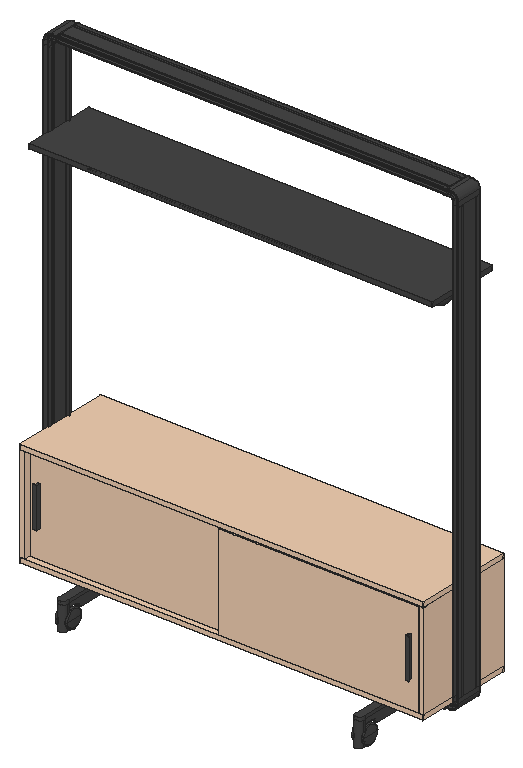
Revit family "DBLTD_TheSenatorGroup_OffcStrg_AdaptWall_US_v2", category Furniture, Revit 2020
Family settings
  Work Plane-Based = No
  Always vertical = Yes
  Cut with Voids When Loaded = No
  Shared = Yes
  Room Calculation Point = No
Parameters (values of type "Coat Hanger with Sliding Door Unit 65" Wide")
  WarrantyStartDate [instance] = "1900-12-31T23:59:59"
  WarrantyGuarantorParts = "n/a"
  WarrantyGuarantorLabor = "n/a"
  WarrantyDurationUnit = "Years"
  WarrantyDurationParts = "n/a"
  WarrantyDurationLabor = "n/a"
  WarrantyDescription = "Senator warrants that its manufactured products are free from manufacturing defects - in materials or workmanship - for a period of ten (10) years on Senator Seating ranges; and fifteen (15) years on Senator Desking ranges"
  Version = "2"  # constant formula
  Uniclass2015Version = "Products v1.9"
  Uniclass2015Title = "Office storage units"
  Uniclass2015Code = "Pr_40_30_78_57"
  URL = "https://www.thesenatorgroup.com/"
  Type Comments = ModelReference  # "Coat Hanger with Sliding Door Unit 65\" Wide"
  TagNumber [instance] = "n/a"
  SustainabilityPerformance = "n/a"
  Style = "n/a"
  StorageType = DBLTD_TheSenatorGroup_OffcStrg_AdaptWall_StorageSlide : Storage
  Size = "L 20.87\" x  W 64.96\" x  H 77.36\""
  ShelfType = DBLTD_TheSenatorGroup_OffcStrg_AdaptWall_Shelf : Coat Hook
  Shape = "Rectangular"
  SerialNumber [instance] = "n/a"
  Revision = "n/a"
  ReplacementCost = "n/a"
  ProductInformation = "https://www.thesenatorgroup.com/"
  OmniClassTitle = "Storage"
  OmniClassCode = "22-12 51 19"
  NominalWidth = NominalLength  # 1650 mm
  NominalLength = 1650 mm
  NominalHeight = 1965 mm
  NominalDepth = 530 mm
  Name = "OfficeStorage_AdaptWall_TheSenatorGroup"
  NBSReference = "45-35-80/360"
  NBSDescription = "Office storage"
  NBSCertification = ""
  ModelReference = "Coat Hanger with Sliding Door Unit 65\" Wide"
  ModelNumber = "AW7865CHDW4"
  Model = ModelNumber  # "AW7865CHDW4"
  Material = "MFC storage."
  ManufacturerURL = "https://www.thesenatorgroup.com/"
  ManufacturerName = "The Senator Group"
  Manufacturer = "The Senator Group"
  MainColor = "n/a"
  Keynote = "Pr_40_30_78_57"
  InstallationDate [instance] = "1900-12-31T23:59:59"
  IfcExportType = "STORAGE"  # constant formula
  IfcExportAs = "IfcFurnitureType"  # constant formula
  HasStorage = yes
  Grade = "n/a"
  FrameMaterial [instance] = TheSenatorGroup_Metal_Black
  Finish = "Frame available in Black or White. MFC Storage available in Black, White or Strata Oak."
  Features = "n/a"
  ExpectedLife = "n/a"
  DurationUnit = "year"
  Description = ModelReference  # "Coat Hanger with Sliding Door Unit 65\" Wide"
  Default Elevation = 0 mm
  Cost = 0
  Constituents = "n/a"
  Color = "Defined by Finish Specifed"
  CodePerformance = "n/a"
  Category = "Pr_40_30_78_57:Office storage units"
  CarcassMaterial [instance] = TheSenatorGroup_Wood_StrataOak
  BarCode [instance] = "n/a"
  BIMObjectName = "TheSenatorGroup_OfficeStorage_AdaptWall"
  Author = "Diane Butterworth Ltd"  # constant formula
  AssetType = "Movable"
  AssetIdentifier [instance] = "n/a"
  AccessibilityPerformance = "n/a"
Reference planes
  plane 1 "Back": y = 0
  plane 2: z = 0
  plane 3 "Center (Left/Right)": x = 0
  plane 4 "Front": y = -530
  plane 5 "Left": x = -825
  plane 6 "Right": x = 825
  plane 7 "Top": z = 1965
  plane 8: y = -265
Dimensions and locks
  "NominalDepth": plane 4 "Front" to plane 1 "Back"
  equal spacing: plane 5 "Left", plane 3 "Center (Left/Right)", plane 6 "Right"
  "NominalLength": plane 5 "Left" to plane 6 "Right"
  "NominalHeight": plane 7 "Top" to level
  equal spacing: plane 4 "Front", plane 8, plane 1 "Back"
  aligned and locked: level to plane 2
  aligned and locked: plane 3 "Center (Left/Right)" to nested 1
  aligned and locked: plane 8 to nested 1
  aligned and locked: nested 1 to nested 2
  aligned and locked: plane 3 "Center (Left/Right)" to nested 3
Nested families
  nested 1: "DBLTD_TheSenatorGroup_OffcStrg_AdaptWall_Frame" at (0, -36, 0), FrameWidth <- "NominalWidth", FrameMaterial <- "FrameMaterial", type "1250 Frame with Castors"
    with FrameWidth 1650 mm, FrameMaterial TheSenatorGroup_Metal_Black
  nested 2: "DBLTD_TheSenatorGroup_OffcStrg_AdaptWall_Shelf" at (0, -36, 0), FrameMaterial <- "FrameMaterial", FrameWidth <- "NominalWidth", type <- "ShelfType", type "Coat Hook"
    with FrameWidth 1650 mm, FrameMaterial TheSenatorGroup_Metal_Black
  nested 3: "DBLTD_TheSenatorGroup_OffcStrg_AdaptWall_StorageSlide" at (0, -36, 0), FrameWidth <- "NominalWidth", type <- "StorageType", FrameMaterial <- "FrameMaterial", CarcassMaterial <- "CarcassMaterial", visible <- "HasStorage", type "Storage"
    with FrameWidth 1650 mm, FrameMaterial TheSenatorGroup_Metal_Black, CarcassMaterial TheSenatorGroup_Wood_StrataOak
Definition of nested family "DBLTD_TheSenatorGroup_OffcStrg_AdaptWall_Frame"
  Parameters (values of type "Frame with Castors")
    URL = ""
    Type Comments = ""
    Model = ""
    Manufacturer = ""
    Keynote = ""
    FrameWidth [instance] = 1250 mm
    FrameMaterial [instance] = none
    Description = ""
    Default Elevation = 0 mm
    Cost = 0
  Reference planes
    plane 1: z = 0
    plane 2 "Center (Left/Right)": x = 0
    plane 3: y = -229
    plane 4: x = -576.25
    plane 5: x = 576.25
    plane 6: x = -625
    plane 7: x = 625
    plane 8: x = -401.881
    plane 9: x = -376.119
    plane 10: x = 401.881
    plane 11: x = 376.119
  Forms (mm)
    Extrusion 1, solid, material <- "FrameMaterial"
      sketch origin (0, 0, 0) x (1, 0, 0) y (0, 0, 1)
        loop
          line (-536.332, 87.142) -> (536.284, 87.142)
          arc (536.284, 87.142) -> (544.073, 88.158) -> (551.332, 91.161) r 30
          line (551.332, 91.161) -> (594.6, 116.142) -> (-594.6, 116.142) -> (-551.332, 91.161)
          arc (-551.332, 91.161) -> (-544.097, 88.164) -> (-536.332, 87.142) r 30
      from 198.323 to 259.677
    Extrusion 2, void
      sketch origin (0, 0, 0) x (0, 1, 0) y (0, 0, 1)
        loop
          line (-206.193, 115.454) -> (-207.677, 87.142) -> (-198.323, 87.142) -> (-198.323, 116.142) -> (-206.193, 115.454)
        loop
          line (-251.807, 115.454) -> (-259.677, 116.142) -> (-259.677, 87.142) -> (-250.323, 87.142) -> (-251.807, 115.454)
      from -802.4 to 802.4
    Extrusion 3, solid, material <- "FrameMaterial"
      sketch origin (0, 0, 75) x (-1, 0, 0) y (0, -1, 0)
        loop
          arc (405.5, 471.871) -> (389, 495.177) -> (372.5, 471.871) r 17.494
          line (372.5, 471.871) -> (372.5, -13.871)
          arc (372.5, -13.871) -> (389, -37.177) -> (405.5, -13.871) r 17.494
          line (405.5, -13.871) -> (405.5, 471.871)
      from 24.957 to 35.858
    Extrusion 4, solid, material <- "FrameMaterial"
      sketch origin (0, 0, 75) x (-1, 0, 0) y (0, -1, 0)
        loop
          circle (389, 477.683) r 17.494
      from -73 to 24.957
    Extrusion 5, solid, material <- "FrameMaterial"
      sketch origin (0, -458, 75) x (-1, 0, 0) y (0, -1, 0)
        loop
          circle (389, -477.683) r 17.494
      from -73 to 24.957
    Revolve 6, solid, material <- "FrameMaterial"
      sketch origin (0, 0, 37.5) x (-1, 0, 0) y (0, -1, 0)
        loop
          line (376.119, 489.895) -> (368.353, 489.895) -> (365.897, 485.641)
          arc (365.897, 485.641) -> (364.038, 469.064) -> (363.417, 452.395) r 224.102
          line (363.417, 452.395) -> (414.583, 452.395)
          arc (414.583, 452.395) -> (413.963, 469.064) -> (412.104, 485.641) r 224.102
          line (412.104, 485.641) -> (409.648, 489.895) -> (401.881, 489.895) -> (401.881, 462.895) -> (376.119, 462.895) -> (376.119, 489.895)
        axis (414.583, 452.395) -> (363.417, 452.395)
      angle from 0 to 360
    Extrusion 7, solid, material <- "FrameMaterial"
      sketch origin (0, 0, 0) x (0, 1, 0) y (0, 0, 1)
        loop
          line (-271.631, 1948.544) -> (-281.608, 1945.904)
          arc (-281.608, 1945.904) -> (-282.412, 1945.369) -> (-282.724, 1944.454) r 1.5
          line (-282.724, 1944.454) -> (-282.724, 1943.31)
          arc (-282.724, 1943.31) -> (-282.431, 1942.603) -> (-281.724, 1942.31) r 1
          line (-281.724, 1942.31) -> (-266.634, 1942.31)
          arc (-266.634, 1942.31) -> (-265.589, 1942.365) -> (-264.555, 1942.529) r 10
          line (-264.555, 1942.529) -> (-259.755, 1943.549)
          arc (-259.755, 1943.549) -> (-258.721, 1943.713) -> (-257.676, 1943.767) r 10
          line (-257.676, 1943.767) -> (-200.324, 1943.767)
          arc (-200.324, 1943.767) -> (-199.279, 1943.713) -> (-198.245, 1943.549) r 10
          line (-198.245, 1943.549) -> (-193.445, 1942.529)
          arc (-193.445, 1942.529) -> (-192.411, 1942.365) -> (-191.366, 1942.31) r 10
          line (-191.366, 1942.31) -> (-176.276, 1942.31)
          arc (-176.276, 1942.31) -> (-175.569, 1942.603) -> (-175.276, 1943.31) r 1
          line (-175.276, 1943.31) -> (-175.276, 1944.454)
          arc (-175.276, 1944.454) -> (-175.588, 1945.369) -> (-176.392, 1945.904) r 1.5
          line (-176.392, 1945.904) -> (-186.369, 1948.544)
          arc (-186.369, 1948.544) -> (-187.442, 1949.258) -> (-187.857, 1950.478) r 2
          line (-187.857, 1950.478) -> (-187.857, 1956.743)
          arc (-187.857, 1956.743) -> (-187.442, 1957.963) -> (-186.369, 1958.676) r 2
          line (-186.369, 1958.676) -> (-176.392, 1961.317)
          arc (-176.392, 1961.317) -> (-175.588, 1961.852) -> (-175.276, 1962.767) r 1.5
          line (-175.276, 1962.767) -> (-175.276, 1963.91)
          arc (-175.276, 1963.91) -> (-175.569, 1964.617) -> (-176.276, 1964.91) r 1
          line (-176.276, 1964.91) -> (-191.366, 1964.91)
          arc (-191.366, 1964.91) -> (-192.411, 1964.855) -> (-193.445, 1964.692) r 10
          line (-193.445, 1964.692) -> (-198.245, 1963.671)
          arc (-198.245, 1963.671) -> (-199.279, 1963.508) -> (-200.324, 1963.453) r 10
          line (-200.324, 1963.453) -> (-257.676, 1963.453)
          arc (-257.676, 1963.453) -> (-258.721, 1963.508) -> (-259.755, 1963.671) r 10
          line (-259.755, 1963.671) -> (-264.555, 1964.692)
          arc (-264.555, 1964.692) -> (-265.589, 1964.855) -> (-266.634, 1964.91) r 10
          line (-266.634, 1964.91) -> (-281.724, 1964.91)
          arc (-281.724, 1964.91) -> (-282.431, 1964.617) -> (-282.724, 1963.91) r 1
          line (-282.724, 1963.91) -> (-282.724, 1962.767)
          arc (-282.724, 1962.767) -> (-282.412, 1961.852) -> (-281.608, 1961.317) r 1.5
          line (-281.608, 1961.317) -> (-271.631, 1958.676)
          arc (-271.631, 1958.676) -> (-270.558, 1957.963) -> (-270.143, 1956.743) r 2
          line (-270.143, 1956.743) -> (-270.143, 1950.478)
          arc (-270.143, 1950.478) -> (-270.558, 1949.258) -> (-271.631, 1948.544) r 2
      from -576.25 to 576.25
    Extrusion 8, solid, material <- "FrameMaterial"
      sketch origin (0, 0, -1826.168) x (0, 1, 0) y (0, 0, 1)
        loop
          line (-271.631, 1948.544) -> (-281.608, 1945.904)
          arc (-281.608, 1945.904) -> (-282.412, 1945.369) -> (-282.724, 1944.454) r 1.5
          line (-282.724, 1944.454) -> (-282.724, 1943.31)
          arc (-282.724, 1943.31) -> (-282.431, 1942.603) -> (-281.724, 1942.31) r 1
          line (-281.724, 1942.31) -> (-266.634, 1942.31)
          arc (-266.634, 1942.31) -> (-265.589, 1942.365) -> (-264.555, 1942.529) r 10
          line (-264.555, 1942.529) -> (-259.755, 1943.549)
          arc (-259.755, 1943.549) -> (-258.721, 1943.713) -> (-257.676, 1943.767) r 10
          line (-257.676, 1943.767) -> (-200.324, 1943.767)
          arc (-200.324, 1943.767) -> (-199.279, 1943.713) -> (-198.245, 1943.549) r 10
          line (-198.245, 1943.549) -> (-193.445, 1942.529)
          arc (-193.445, 1942.529) -> (-192.411, 1942.365) -> (-191.366, 1942.31) r 10
          line (-191.366, 1942.31) -> (-176.276, 1942.31)
          arc (-176.276, 1942.31) -> (-175.569, 1942.603) -> (-175.276, 1943.31) r 1
          line (-175.276, 1943.31) -> (-175.276, 1944.454)
          arc (-175.276, 1944.454) -> (-175.588, 1945.369) -> (-176.392, 1945.904) r 1.5
          line (-176.392, 1945.904) -> (-186.369, 1948.544)
          arc (-186.369, 1948.544) -> (-187.442, 1949.258) -> (-187.857, 1950.478) r 2
          line (-187.857, 1950.478) -> (-187.857, 1956.743)
          arc (-187.857, 1956.743) -> (-187.442, 1957.963) -> (-186.369, 1958.676) r 2
          line (-186.369, 1958.676) -> (-176.392, 1961.317)
          arc (-176.392, 1961.317) -> (-175.588, 1961.852) -> (-175.276, 1962.767) r 1.5
          line (-175.276, 1962.767) -> (-175.276, 1963.91)
          arc (-175.276, 1963.91) -> (-175.569, 1964.617) -> (-176.276, 1964.91) r 1
          line (-176.276, 1964.91) -> (-191.366, 1964.91)
          arc (-191.366, 1964.91) -> (-192.411, 1964.855) -> (-193.445, 1964.692) r 10
          line (-193.445, 1964.692) -> (-198.245, 1963.671)
          arc (-198.245, 1963.671) -> (-199.279, 1963.508) -> (-200.324, 1963.453) r 10
          line (-200.324, 1963.453) -> (-257.676, 1963.453)
          arc (-257.676, 1963.453) -> (-258.721, 1963.508) -> (-259.755, 1963.671) r 10
          line (-259.755, 1963.671) -> (-264.555, 1964.692)
          arc (-264.555, 1964.692) -> (-265.589, 1964.855) -> (-266.634, 1964.91) r 10
          line (-266.634, 1964.91) -> (-281.724, 1964.91)
          arc (-281.724, 1964.91) -> (-282.431, 1964.617) -> (-282.724, 1963.91) r 1
          line (-282.724, 1963.91) -> (-282.724, 1962.767)
          arc (-282.724, 1962.767) -> (-282.412, 1961.852) -> (-281.608, 1961.317) r 1.5
          line (-281.608, 1961.317) -> (-271.631, 1958.676)
          arc (-271.631, 1958.676) -> (-270.558, 1957.963) -> (-270.143, 1956.743) r 2
          line (-270.143, 1956.743) -> (-270.143, 1950.478)
          arc (-270.143, 1950.478) -> (-270.558, 1949.258) -> (-271.631, 1948.544) r 2
      from -576.25 to 576.25
    Extrusion 9, solid, material <- "FrameMaterial"
      sketch origin (-2567.31, 0, 741.142) x (0, 1, 0) y (-1, 0, 0)
        loop
          arc (-271.631, -1948.544) -> (-270.558, -1949.258) -> (-270.143, -1950.478) r 2
          line (-270.143, -1950.478) -> (-270.143, -1956.743)
          arc (-270.143, -1956.743) -> (-270.558, -1957.963) -> (-271.631, -1958.676) r 2
          line (-271.631, -1958.676) -> (-281.608, -1961.317)
          arc (-281.608, -1961.317) -> (-282.412, -1961.852) -> (-282.724, -1962.767) r 1.5
          line (-282.724, -1962.767) -> (-282.724, -1963.91)
          arc (-282.724, -1963.91) -> (-282.431, -1964.617) -> (-281.724, -1964.91) r 1
          line (-281.724, -1964.91) -> (-266.634, -1964.91)
          arc (-266.634, -1964.91) -> (-265.589, -1964.855) -> (-264.555, -1964.692) r 10
          line (-264.555, -1964.692) -> (-259.755, -1963.671)
          arc (-259.755, -1963.671) -> (-258.721, -1963.508) -> (-257.676, -1963.453) r 10
          line (-257.676, -1963.453) -> (-200.324, -1963.453)
          arc (-200.324, -1963.453) -> (-199.279, -1963.508) -> (-198.245, -1963.671) r 10
          line (-198.245, -1963.671) -> (-193.445, -1964.692)
          arc (-193.445, -1964.692) -> (-192.411, -1964.855) -> (-191.366, -1964.91) r 10
          line (-191.366, -1964.91) -> (-176.276, -1964.91)
          arc (-176.276, -1964.91) -> (-175.569, -1964.617) -> (-175.276, -1963.91) r 1
          line (-175.276, -1963.91) -> (-175.276, -1962.767)
          arc (-175.276, -1962.767) -> (-175.588, -1961.852) -> (-176.392, -1961.317) r 1.5
          line (-176.392, -1961.317) -> (-186.369, -1958.676)
          arc (-186.369, -1958.676) -> (-187.442, -1957.963) -> (-187.857, -1956.743) r 2
          line (-187.857, -1956.743) -> (-187.857, -1950.478)
          arc (-187.857, -1950.478) -> (-187.442, -1949.258) -> (-186.369, -1948.544) r 2
          line (-186.369, -1948.544) -> (-176.392, -1945.904)
          arc (-176.392, -1945.904) -> (-175.588, -1945.369) -> (-175.276, -1944.454) r 1.5
          line (-175.276, -1944.454) -> (-175.276, -1943.31)
          arc (-175.276, -1943.31) -> (-175.569, -1942.603) -> (-176.276, -1942.31) r 1
          line (-176.276, -1942.31) -> (-191.366, -1942.31)
          arc (-191.366, -1942.31) -> (-192.411, -1942.365) -> (-193.445, -1942.529) r 10
          line (-193.445, -1942.529) -> (-198.245, -1943.549)
          arc (-198.245, -1943.549) -> (-199.279, -1943.713) -> (-200.324, -1943.767) r 10
          line (-200.324, -1943.767) -> (-257.676, -1943.767)
          arc (-257.676, -1943.767) -> (-258.721, -1943.713) -> (-259.755, -1943.549) r 10
          line (-259.755, -1943.549) -> (-264.555, -1942.529)
          arc (-264.555, -1942.529) -> (-265.589, -1942.365) -> (-266.634, -1942.31) r 10
          line (-266.634, -1942.31) -> (-281.724, -1942.31)
          arc (-281.724, -1942.31) -> (-282.431, -1942.603) -> (-282.724, -1943.31) r 1
          line (-282.724, -1943.31) -> (-282.724, -1944.454)
          arc (-282.724, -1944.454) -> (-282.412, -1945.369) -> (-281.608, -1945.904) r 1.5
          line (-281.608, -1945.904) -> (-271.631, -1948.544)
      from -576.25 to 1175.018
    Extrusion 10, solid, material <- "FrameMaterial"
      sketch origin (2567.31, 0, 741.142) x (0, 1, 0) y (-1, 0, 0)
        loop
          line (-271.631, 1948.544) -> (-281.608, 1945.904)
          arc (-281.608, 1945.904) -> (-282.412, 1945.369) -> (-282.724, 1944.454) r 1.5
          line (-282.724, 1944.454) -> (-282.724, 1943.31)
          arc (-282.724, 1943.31) -> (-282.431, 1942.603) -> (-281.724, 1942.31) r 1
          line (-281.724, 1942.31) -> (-266.634, 1942.31)
          arc (-266.634, 1942.31) -> (-265.589, 1942.365) -> (-264.555, 1942.529) r 10
          line (-264.555, 1942.529) -> (-259.755, 1943.549)
          arc (-259.755, 1943.549) -> (-258.721, 1943.713) -> (-257.676, 1943.767) r 10
          line (-257.676, 1943.767) -> (-200.324, 1943.767)
          arc (-200.324, 1943.767) -> (-199.279, 1943.713) -> (-198.245, 1943.549) r 10
          line (-198.245, 1943.549) -> (-193.445, 1942.529)
          arc (-193.445, 1942.529) -> (-192.411, 1942.365) -> (-191.366, 1942.31) r 10
          line (-191.366, 1942.31) -> (-176.276, 1942.31)
          arc (-176.276, 1942.31) -> (-175.569, 1942.603) -> (-175.276, 1943.31) r 1
          line (-175.276, 1943.31) -> (-175.276, 1944.454)
          arc (-175.276, 1944.454) -> (-175.588, 1945.369) -> (-176.392, 1945.904) r 1.5
          line (-176.392, 1945.904) -> (-186.369, 1948.544)
          arc (-186.369, 1948.544) -> (-187.442, 1949.258) -> (-187.857, 1950.478) r 2
          line (-187.857, 1950.478) -> (-187.857, 1956.743)
          arc (-187.857, 1956.743) -> (-187.442, 1957.963) -> (-186.369, 1958.676) r 2
          line (-186.369, 1958.676) -> (-176.392, 1961.317)
          arc (-176.392, 1961.317) -> (-175.588, 1961.852) -> (-175.276, 1962.767) r 1.5
          line (-175.276, 1962.767) -> (-175.276, 1963.91)
          arc (-175.276, 1963.91) -> (-175.569, 1964.617) -> (-176.276, 1964.91) r 1
          line (-176.276, 1964.91) -> (-191.366, 1964.91)
          arc (-191.366, 1964.91) -> (-192.411, 1964.855) -> (-193.445, 1964.692) r 10
          line (-193.445, 1964.692) -> (-198.245, 1963.671)
          arc (-198.245, 1963.671) -> (-199.279, 1963.508) -> (-200.324, 1963.453) r 10
          line (-200.324, 1963.453) -> (-257.676, 1963.453)
          arc (-257.676, 1963.453) -> (-258.721, 1963.508) -> (-259.755, 1963.671) r 10
          line (-259.755, 1963.671) -> (-264.555, 1964.692)
          arc (-264.555, 1964.692) -> (-265.589, 1964.855) -> (-266.634, 1964.91) r 10
          line (-266.634, 1964.91) -> (-281.724, 1964.91)
          arc (-281.724, 1964.91) -> (-282.431, 1964.617) -> (-282.724, 1963.91) r 1
          line (-282.724, 1963.91) -> (-282.724, 1962.767)
          arc (-282.724, 1962.767) -> (-282.412, 1961.852) -> (-281.608, 1961.317) r 1.5
          line (-281.608, 1961.317) -> (-271.631, 1958.676)
          arc (-271.631, 1958.676) -> (-270.558, 1957.963) -> (-270.143, 1956.743) r 2
          line (-270.143, 1956.743) -> (-270.143, 1950.478)
          arc (-270.143, 1950.478) -> (-270.558, 1949.258) -> (-271.631, 1948.544) r 2
      from -576.25 to 1175.018
    Revolve 11, solid, material <- "FrameMaterial"
      sketch origin (0, -458, 37.5) x (-1, 0, 0) y (0, -1, 0)
        loop
          line (376.119, -489.895) -> (376.119, -462.895) -> (401.881, -462.895) -> (401.881, -489.895) -> (409.648, -489.895) -> (412.104, -485.641)
          arc (412.104, -485.641) -> (413.963, -469.064) -> (414.583, -452.395) r 224.102
          line (414.583, -452.395) -> (363.417, -452.395)
          arc (363.417, -452.395) -> (364.038, -469.064) -> (365.897, -485.641) r 224.102
          line (365.897, -485.641) -> (368.353, -489.895) -> (376.119, -489.895)
        axis (414.583, -452.395) -> (363.417, -452.395)
      angle from 0 to 360
    Extrusion 12, solid, material <- "FrameMaterial"
      sketch origin (0, 0, 75) x (1, 0, 0) y (0, 1, 0)
        loop
          line (405.5, -471.871) -> (405.5, 13.871)
          arc (405.5, 13.871) -> (389, 37.177) -> (372.5, 13.871) r 17.494
          line (372.5, 13.871) -> (372.5, -471.871)
          arc (372.5, -471.871) -> (389, -495.177) -> (405.5, -471.871) r 17.494
      from 24.957 to 35.858
    Extrusion 13, solid, material <- "FrameMaterial"
      sketch origin (0, 0, 0) x (0, 1, 0) y (0, 0, -1)
        loop
          line (-41.377, -73.17) -> (-46.59, -63.366)
          arc (-46.59, -63.366) -> (-51.005, -58.714) -> (-57.185, -57) r 12
          line (-57.185, -57) -> (-400.815, -57)
          arc (-400.815, -57) -> (-406.995, -58.714) -> (-411.41, -63.366) r 12
          line (-411.41, -63.366) -> (-416.623, -73.17)
          arc (-416.623, -73.17) -> (-421.038, -77.822) -> (-427.218, -79.536) r 12
          line (-427.218, -79.536) -> (-471.871, -79.536) -> (-471.871, -99.957) -> (-250.995, -99.957) -> (-250.323, -87.142) -> (-207.677, -87.142) -> (-207.005, -99.957) -> (13.871, -99.957) -> (13.871, -79.536) -> (-30.782, -79.536)
          arc (-30.782, -79.536) -> (-36.962, -77.822) -> (-41.377, -73.17) r 12
      from -401.881 to -376.119
    Extrusion 14, solid, material <- "FrameMaterial"
      sketch origin (0, 0, 75) x (1, 0, 0) y (0, 1, 0)
        loop
          circle (389, -477.683) r 17.494
      from -73 to 24.957
    Extrusion 15, solid, material <- "FrameMaterial"
      sketch origin (0, -458, 75) x (1, 0, 0) y (0, 1, 0)
        loop
          circle (389, 477.683) r 17.494
      from -73 to 24.957
    Revolve 16, solid, material <- "FrameMaterial"
      sketch origin (0, 0, 37.5) x (1, 0, 0) y (0, 1, 0)
        loop
          line (376.119, -489.895) -> (376.119, -462.895) -> (401.881, -462.895) -> (401.881, -489.895) -> (409.648, -489.895) -> (412.104, -485.641)
          arc (412.104, -485.641) -> (413.963, -469.064) -> (414.583, -452.395) r 224.102
          line (414.583, -452.395) -> (363.417, -452.395)
          arc (363.417, -452.395) -> (364.038, -469.064) -> (365.897, -485.641) r 224.102
          line (365.897, -485.641) -> (368.353, -489.895) -> (376.119, -489.895)
        axis (414.583, -452.395) -> (363.417, -452.395)
      angle from 0 to 360
    Revolve 17, solid, material <- "FrameMaterial"
      sketch origin (0, -458, 37.5) x (1, 0, 0) y (0, 1, 0)
        loop
          line (376.119, 489.895) -> (368.353, 489.895) -> (365.897, 485.641)
          arc (365.897, 485.641) -> (364.038, 469.064) -> (363.417, 452.395) r 224.102
          line (363.417, 452.395) -> (414.583, 452.395)
          arc (414.583, 452.395) -> (413.963, 469.064) -> (412.104, 485.641) r 224.102
          line (412.104, 485.641) -> (409.648, 489.895) -> (401.881, 489.895) -> (401.881, 462.895) -> (376.119, 462.895) -> (376.119, 489.895)
        axis (414.583, 452.395) -> (363.417, 452.395)
      angle from 0 to 360
    Extrusion 18, solid, material <- "FrameMaterial"
      sketch origin (0, 0, 0) x (0, 1, 0) y (0, 0, 1)
        loop
          arc (-41.377, 73.17) -> (-36.962, 77.822) -> (-30.782, 79.536) r 12
          line (-30.782, 79.536) -> (13.871, 79.536) -> (13.871, 99.957) -> (-207.005, 99.957) -> (-207.677, 87.142) -> (-250.323, 87.142) -> (-250.995, 99.957) -> (-471.871, 99.957) -> (-471.871, 79.536) -> (-427.218, 79.536)
          arc (-427.218, 79.536) -> (-421.038, 77.822) -> (-416.623, 73.17) r 12
          line (-416.623, 73.17) -> (-411.41, 63.366)
          arc (-411.41, 63.366) -> (-406.995, 58.714) -> (-400.815, 57) r 12
          line (-400.815, 57) -> (-57.185, 57)
          arc (-57.185, 57) -> (-51.005, 58.714) -> (-46.59, 63.366) r 12
          line (-46.59, 63.366) -> (-41.377, 73.17)
      from -401.881 to -376.119
    Sweep 19, solid, material <- "FrameMaterial"
      path origin (0, 0, 0) x (1, 0, 0) y (0, 0, 1)
        loop
          line (-625, 164.892) -> (-625, 146.142)
          arc (-625, 146.142) -> (-616.213, 124.929) -> (-595, 116.142) r 30
          line (-595, 116.142) -> (-576.25, 116.142)
      profile origin (-625, 0, 155.517) x (0, -1, 0) y (1, 0, 0)
        loop
          arc (281.724, 0) -> (282.431, 0.293) -> (282.724, 1) r 1
          line (282.724, 1) -> (282.724, 2.143)
          arc (282.724, 2.143) -> (282.412, 3.058) -> (281.608, 3.594) r 1.5
          line (281.608, 3.594) -> (271.631, 6.234)
          arc (271.631, 6.234) -> (270.558, 6.948) -> (270.143, 8.168) r 2
          line (270.143, 8.168) -> (270.143, 14.432)
          arc (270.143, 14.432) -> (270.558, 15.652) -> (271.631, 16.366) r 2
          line (271.631, 16.366) -> (281.608, 19.006)
          arc (281.608, 19.006) -> (282.412, 19.542) -> (282.724, 20.457) r 1.5
          line (282.724, 20.457) -> (282.724, 21.6)
          arc (282.724, 21.6) -> (282.431, 22.307) -> (281.724, 22.6) r 1
          line (281.724, 22.6) -> (266.634, 22.6)
          arc (266.634, 22.6) -> (265.589, 22.545) -> (264.555, 22.381) r 10
          line (264.555, 22.381) -> (259.755, 21.361)
          arc (259.755, 21.361) -> (258.721, 21.197) -> (257.676, 21.143) r 10
          line (257.676, 21.143) -> (200.324, 21.143)
          arc (200.324, 21.143) -> (199.279, 21.197) -> (198.245, 21.361) r 10
          line (198.245, 21.361) -> (193.445, 22.381)
          arc (193.445, 22.381) -> (192.411, 22.545) -> (191.366, 22.6) r 10
          line (191.366, 22.6) -> (176.276, 22.6)
          arc (176.276, 22.6) -> (175.569, 22.307) -> (175.276, 21.6) r 1
          line (175.276, 21.6) -> (175.276, 20.457)
          arc (175.276, 20.457) -> (175.588, 19.542) -> (176.392, 19.006) r 1.5
          line (176.392, 19.006) -> (186.369, 16.366)
          arc (186.369, 16.366) -> (187.442, 15.652) -> (187.857, 14.432) r 2
          line (187.857, 14.432) -> (187.857, 8.168)
          arc (187.857, 8.168) -> (187.442, 6.948) -> (186.369, 6.234) r 2
          line (186.369, 6.234) -> (176.392, 3.594)
          arc (176.392, 3.594) -> (175.588, 3.058) -> (175.276, 2.143) r 1.5
          line (175.276, 2.143) -> (175.276, 1)
          arc (175.276, 1) -> (175.569, 0.293) -> (176.276, 0) r 1
          line (176.276, 0) -> (281.724, 0)
    Sweep 20, solid, material <- "FrameMaterial"
      path origin (0, 0, 0) x (-1, 0, 0) y (0, 0, -1)
        loop
          line (-625, -164.892) -> (-625, -146.142)
          arc (-625, -146.142) -> (-616.213, -124.929) -> (-595, -116.142) r 30
          line (-595, -116.142) -> (-576.25, -116.142)
      profile origin (625, 0, 155.517) x (0, -1, 0) y (1, 0, 0)
        loop
          line (281.724, 0) -> (176.276, 0)
          arc (176.276, 0) -> (175.569, -0.293) -> (175.276, -1) r 1
          line (175.276, -1) -> (175.276, -2.143)
          arc (175.276, -2.143) -> (175.588, -3.058) -> (176.392, -3.594) r 1.5
          line (176.392, -3.594) -> (186.369, -6.234)
          arc (186.369, -6.234) -> (187.442, -6.948) -> (187.857, -8.168) r 2
          line (187.857, -8.168) -> (187.857, -14.432)
          arc (187.857, -14.432) -> (187.442, -15.652) -> (186.369, -16.366) r 2
          line (186.369, -16.366) -> (176.392, -19.006)
          arc (176.392, -19.006) -> (175.588, -19.542) -> (175.276, -20.457) r 1.5
          line (175.276, -20.457) -> (175.276, -21.6)
          arc (175.276, -21.6) -> (175.569, -22.307) -> (176.276, -22.6) r 1
          line (176.276, -22.6) -> (191.366, -22.6)
          arc (191.366, -22.6) -> (192.411, -22.545) -> (193.445, -22.381) r 10
          line (193.445, -22.381) -> (198.245, -21.361)
          arc (198.245, -21.361) -> (199.279, -21.197) -> (200.324, -21.143) r 10
          line (200.324, -21.143) -> (257.676, -21.143)
          arc (257.676, -21.143) -> (258.721, -21.197) -> (259.755, -21.361) r 10
          line (259.755, -21.361) -> (264.555, -22.381)
          arc (264.555, -22.381) -> (265.589, -22.545) -> (266.634, -22.6) r 10
          line (266.634, -22.6) -> (281.724, -22.6)
          arc (281.724, -22.6) -> (282.431, -22.307) -> (282.724, -21.6) r 1
          line (282.724, -21.6) -> (282.724, -20.457)
          arc (282.724, -20.457) -> (282.412, -19.542) -> (281.608, -19.006) r 1.5
          line (281.608, -19.006) -> (271.631, -16.366)
          arc (271.631, -16.366) -> (270.558, -15.652) -> (270.143, -14.432) r 2
          line (270.143, -14.432) -> (270.143, -8.168)
          arc (270.143, -8.168) -> (270.558, -6.948) -> (271.631, -6.234) r 2
          line (271.631, -6.234) -> (281.608, -3.594)
          arc (281.608, -3.594) -> (282.412, -3.058) -> (282.724, -2.143) r 1.5
          line (282.724, -2.143) -> (282.724, -1)
          arc (282.724, -1) -> (282.431, -0.293) -> (281.724, 0) r 1
    Sweep 21, solid, material <- "FrameMaterial"
      path origin (0, 0, 2081.052) x (1, 0, 0) y (0, 0, 1)
        loop
          line (-625, -164.892) -> (-625, -146.142)
          arc (-625, -146.142) -> (-616.213, -124.929) -> (-595, -116.142) r 30
          line (-595, -116.142) -> (-576.25, -116.142)
      profile origin (-625, 0, 1925.535) x (-1, 0, 0) y (0, -1, 0)
        loop
          arc (0, 281.724) -> (-0.293, 282.431) -> (-1, 282.724) r 1
          line (-1, 282.724) -> (-2.143, 282.724)
          arc (-2.143, 282.724) -> (-3.058, 282.412) -> (-3.594, 281.608) r 1.5
          line (-3.594, 281.608) -> (-6.234, 271.631)
          arc (-6.234, 271.631) -> (-6.948, 270.558) -> (-8.168, 270.143) r 2
          line (-8.168, 270.143) -> (-14.432, 270.143)
          arc (-14.432, 270.143) -> (-15.652, 270.558) -> (-16.366, 271.631) r 2
          line (-16.366, 271.631) -> (-19.006, 281.608)
          arc (-19.006, 281.608) -> (-19.542, 282.412) -> (-20.457, 282.724) r 1.5
          line (-20.457, 282.724) -> (-21.6, 282.724)
          arc (-21.6, 282.724) -> (-22.307, 282.431) -> (-22.6, 281.724) r 1
          line (-22.6, 281.724) -> (-22.6, 266.634)
          arc (-22.6, 266.634) -> (-22.545, 265.589) -> (-22.381, 264.555) r 10
          line (-22.381, 264.555) -> (-21.361, 259.755)
          arc (-21.361, 259.755) -> (-21.197, 258.721) -> (-21.143, 257.676) r 10
          line (-21.143, 257.676) -> (-21.143, 200.324)
          arc (-21.143, 200.324) -> (-21.197, 199.279) -> (-21.361, 198.245) r 10
          line (-21.361, 198.245) -> (-22.381, 193.445)
          arc (-22.381, 193.445) -> (-22.545, 192.411) -> (-22.6, 191.366) r 10
          line (-22.6, 191.366) -> (-22.6, 176.276)
          arc (-22.6, 176.276) -> (-22.307, 175.569) -> (-21.6, 175.276) r 1
          line (-21.6, 175.276) -> (-20.457, 175.276)
          arc (-20.457, 175.276) -> (-19.542, 175.588) -> (-19.006, 176.392) r 1.5
          line (-19.006, 176.392) -> (-16.366, 186.369)
          arc (-16.366, 186.369) -> (-15.652, 187.442) -> (-14.432, 187.857) r 2
          line (-14.432, 187.857) -> (-8.168, 187.857)
          arc (-8.168, 187.857) -> (-6.948, 187.442) -> (-6.234, 186.369) r 2
          line (-6.234, 186.369) -> (-3.594, 176.392)
          arc (-3.594, 176.392) -> (-3.058, 175.588) -> (-2.143, 175.276) r 1.5
          line (-2.143, 175.276) -> (-1, 175.276)
          arc (-1, 175.276) -> (-0.293, 175.569) -> (0, 176.276) r 1
          line (0, 176.276) -> (0, 281.724)
    Sweep 22, solid, material <- "FrameMaterial"
      path origin (0, 0, 2081.052) x (-1, 0, 0) y (0, 0, -1)
        loop
          line (-625, 164.892) -> (-625, 146.142)
          arc (-625, 146.142) -> (-616.213, 124.929) -> (-595, 116.142) r 30
          line (-595, 116.142) -> (-576.25, 116.142)
      profile origin (625, 0, 1925.535) x (-1, 0, 0) y (0, -1, 0)
        loop
          line (0, 281.724) -> (0, 176.276)
          arc (0, 176.276) -> (0.293, 175.569) -> (1, 175.276) r 1
          line (1, 175.276) -> (2.143, 175.276)
          arc (2.143, 175.276) -> (3.058, 175.588) -> (3.594, 176.392) r 1.5
          line (3.594, 176.392) -> (6.234, 186.369)
          arc (6.234, 186.369) -> (6.948, 187.442) -> (8.168, 187.857) r 2
          line (8.168, 187.857) -> (14.432, 187.857)
          arc (14.432, 187.857) -> (15.652, 187.442) -> (16.366, 186.369) r 2
          line (16.366, 186.369) -> (19.006, 176.392)
          arc (19.006, 176.392) -> (19.542, 175.588) -> (20.457, 175.276) r 1.5
          line (20.457, 175.276) -> (21.6, 175.276)
          arc (21.6, 175.276) -> (22.307, 175.569) -> (22.6, 176.276) r 1
          line (22.6, 176.276) -> (22.6, 191.366)
          arc (22.6, 191.366) -> (22.545, 192.411) -> (22.381, 193.445) r 10
          line (22.381, 193.445) -> (21.361, 198.245)
          arc (21.361, 198.245) -> (21.197, 199.279) -> (21.143, 200.324) r 10
          line (21.143, 200.324) -> (21.143, 257.676)
          arc (21.143, 257.676) -> (21.197, 258.721) -> (21.361, 259.755) r 10
          line (21.361, 259.755) -> (22.381, 264.555)
          arc (22.381, 264.555) -> (22.545, 265.589) -> (22.6, 266.634) r 10
          line (22.6, 266.634) -> (22.6, 281.724)
          arc (22.6, 281.724) -> (22.307, 282.431) -> (21.6, 282.724) r 1
          line (21.6, 282.724) -> (20.457, 282.724)
          arc (20.457, 282.724) -> (19.542, 282.412) -> (19.006, 281.608) r 1.5
          line (19.006, 281.608) -> (16.366, 271.631)
          arc (16.366, 271.631) -> (15.652, 270.558) -> (14.432, 270.143) r 2
          line (14.432, 270.143) -> (8.168, 270.143)
          arc (8.168, 270.143) -> (6.948, 270.558) -> (6.234, 271.631) r 2
          line (6.234, 271.631) -> (3.594, 281.608)
          arc (3.594, 281.608) -> (3.058, 282.412) -> (2.143, 282.724) r 1.5
          line (2.143, 282.724) -> (1, 282.724)
          arc (1, 282.724) -> (0.293, 282.431) -> (0, 281.724) r 1
  Cuts and joins
    Extrusion 2 cuts Extrusion 1
  Dimensions and locks
    equal spacing: plane 6, plane 2 "Center (Left/Right)", plane 7
    "FrameWidth": plane 6 to plane 7
    locked: plane 6 to plane 4 at 48.75
    locked: plane 7 to plane 5 at 48.75
    locked: plane 9 to plane 8 at 25.762
    locked: plane 8 to plane 4 at 174.369
    locked: plane 11 to plane 10 at 25.762
    locked: plane 10 to plane 5 at 174.369
    aligned and locked: level to plane 1
    aligned and locked: plane 4 to Extrusion 8
    aligned and locked: plane 5 to Extrusion 8
    aligned and locked: plane 4 to Extrusion 7
    aligned and locked: plane 5 to Extrusion 7
    aligned and locked: Extrusion 18 to plane 8
    aligned and locked: plane 9 to Extrusion 18
    aligned and locked: Extrusion 13 to plane 11
    aligned and locked: Extrusion 13 to plane 10
    aligned and locked: plane 6 to Sweep 19 sketch curve
    aligned and locked: plane 4 to Sweep 19 sketch curve
  Automatic sketch dimensions
    plane 4 to Extrusion 1 sketch curve = 18.35 mm
    Extrusion 1 sketch curve to plane 4 = 24.918 mm
    Extrusion 1 sketch curve to Extrusion 1 sketch curve = 15 mm  (x2)
    Extrusion 1 sketch curve to plane 5 = 39.966 mm
    Extrusion 1 sketch curve to Extrusion 1 sketch curve = 0.048 mm
    Extrusion 1 sketch curve to Extrusion 1 sketch curve = 15.048 mm
    plane 5 to Extrusion 1 sketch curve = 18.35 mm
    level to Extrusion 1 sketch curve = 87.142 mm  (x2)
    Extrusion 1 sketch curve to Extrusion 1 sketch curve = 4.019 mm  (x2)
    Extrusion 1 sketch curve to Extrusion 1 sketch curve = 24.981 mm
    Extrusion 2 sketch curve to plane 3 = 30.677 mm
    Extrusion 2 sketch curve to Extrusion 2 sketch curve = 7.87 mm
    Extrusion 2 sketch curve to Extrusion 2 sketch curve = 9.354 mm  (x2)
    plane 3 to Extrusion 2 sketch curve = 21.323 mm
    plane 3 to Extrusion 2 sketch curve = 22.807 mm
    level to Extrusion 2 sketch curve = 87.142 mm
    Extrusion 2 sketch curve to Extrusion 2 sketch curve = 0 mm
    Extrusion 2 sketch curve to Extrusion 2 sketch curve = 28.312 mm  (x2)
    Extrusion 2 sketch curve to Extrusion 2 sketch curve = 0.689 mm  (x2)
    plane 9 to Extrusion 3 sketch curve = 3.619 mm
    Extrusion 3 sketch curve to plane 9 = 12.881 mm  (x2)
    Extrusion 3 sketch curve to plane 8 = 3.619 mm
    plane 3 to Extrusion 3 sketch curve = 248.683 mm
    Extrusion 3 sketch curve to Extrusion 3 sketch curve = 5.812 mm  (x2)
    Extrusion 3 sketch curve to plane 3 = 242.871 mm
    Extrusion 4 sketch curve to plane 9 = 12.881 mm
    Extrusion 4 sketch curve to plane 3 = 248.683 mm
    Extrusion 5 sketch curve to plane 9 = 12.881 mm
    plane 3 to Extrusion 5 sketch curve = 248.683 mm
    Revolve 6 sketch curve to plane 9 = 0 mm
    plane 9 to Revolve 6 sketch curve = 7.766 mm
    Revolve 6 sketch curve to Revolve 6 sketch curve = 2.456 mm  (x2)
    plane 9 to Revolve 6 sketch curve = 12.702 mm
    Revolve 6 sketch curve to Revolve 6 sketch curve = 172.936 mm
    plane 8 to Revolve 6 sketch curve = 0 mm
    Revolve 6 sketch curve to plane 8 = 7.766 mm
    Revolve 6 sketch curve to plane 8 = 12.702 mm
    plane 4 to Revolve 6 sketch curve = 11.269 mm
    Revolve 6 sketch curve to plane 3 = 223.395 mm
    Revolve 6 sketch curve to Revolve 6 sketch curve = 10.5 mm
    Revolve 6 sketch curve to Revolve 6 sketch curve = 4.254 mm  (x2)
    Revolve 6 sketch curve to Revolve 6 sketch curve = 10.185 mm
    Revolve 6 sketch curve to Revolve 6 sketch curve = 25 mm
    Revolve 6 sketch curve to Revolve 6 sketch curve = 0 mm
    Extrusion 7 sketch curve to plane 3 = 53.724 mm
    Extrusion 7 sketch curve to Extrusion 7 sketch curve = 0 mm  (x5)
    Extrusion 7 sketch curve to Extrusion 7 sketch curve = 1 mm  (x3)
    Extrusion 7 sketch curve to Extrusion 7 sketch curve = 1.116 mm  (x2)
    Extrusion 7 sketch curve to Extrusion 7 sketch curve = 0.5 mm  (x4)
    Extrusion 7 sketch curve to Extrusion 7 sketch curve = 9.465 mm
    Extrusion 7 sketch curve to Extrusion 7 sketch curve = 0.512 mm  (x2)
    Extrusion 7 sketch curve to Extrusion 7 sketch curve = 2 mm  (x3)
    Extrusion 7 sketch curve to Extrusion 7 sketch curve = 4.997 mm
    Extrusion 7 sketch curve to Extrusion 7 sketch curve = 2.079 mm  (x8)
    Extrusion 7 sketch curve to Extrusion 7 sketch curve = 4.8 mm  (x4)
    plane 3 to Extrusion 7 sketch curve = 28.676 mm
    Extrusion 7 sketch curve to Extrusion 7 sketch curve = 3.509 mm
    Extrusion 7 sketch curve to Extrusion 7 sketch curve = 1.488 mm  (x2)
    Extrusion 7 sketch curve to Extrusion 7 sketch curve = 9.593 mm  (x2)
    Extrusion 7 sketch curve to Extrusion 7 sketch curve = 0.384 mm  (x2)
    Extrusion 7 sketch curve to Extrusion 7 sketch curve = 1.5 mm
    level to Extrusion 7 sketch curve = 1933.767 mm
    Extrusion 7 sketch curve to Extrusion 7 sketch curve = 8.543 mm  (x3)
    Extrusion 7 sketch curve to Extrusion 7 sketch curve = 0.219 mm  (x4)
    Extrusion 7 sketch curve to Extrusion 7 sketch curve = 1.02 mm
    Extrusion 7 sketch curve to Extrusion 7 sketch curve = 1.143 mm  (x4)
    Extrusion 7 sketch curve to Extrusion 7 sketch curve = 3.766 mm  (x2)
    Extrusion 7 sketch curve to Extrusion 7 sketch curve = 2.6 mm  (x2)
    Extrusion 7 sketch curve to Extrusion 7 sketch curve = 1.832 mm  (x2)
    Extrusion 7 sketch curve to Extrusion 7 sketch curve = 2.641 mm  (x2)
    Extrusion 8 sketch curve to plane 3 = 53.724 mm
    Extrusion 8 sketch curve to Extrusion 8 sketch curve = 0 mm  (x5)
    Extrusion 8 sketch curve to Extrusion 8 sketch curve = 1 mm  (x3)
    Extrusion 8 sketch curve to Extrusion 8 sketch curve = 1.116 mm  (x2)
    Extrusion 8 sketch curve to Extrusion 8 sketch curve = 0.5 mm  (x4)
    Extrusion 8 sketch curve to Extrusion 8 sketch curve = 9.465 mm
    Extrusion 8 sketch curve to Extrusion 8 sketch curve = 0.512 mm  (x2)
    Extrusion 8 sketch curve to Extrusion 8 sketch curve = 2 mm  (x3)
    Extrusion 8 sketch curve to Extrusion 8 sketch curve = 4.997 mm
    Extrusion 8 sketch curve to Extrusion 8 sketch curve = 2.079 mm  (x8)
    Extrusion 8 sketch curve to Extrusion 8 sketch curve = 4.8 mm  (x4)
    plane 3 to Extrusion 8 sketch curve = 28.676 mm
    Extrusion 8 sketch curve to Extrusion 8 sketch curve = 3.509 mm
    Extrusion 8 sketch curve to Extrusion 8 sketch curve = 1.488 mm  (x2)
    Extrusion 8 sketch curve to Extrusion 8 sketch curve = 9.593 mm  (x2)
    Extrusion 8 sketch curve to Extrusion 8 sketch curve = 0.384 mm  (x2)
    Extrusion 8 sketch curve to Extrusion 8 sketch curve = 1.5 mm
    level to Extrusion 8 sketch curve = 107.599 mm
    Extrusion 8 sketch curve to Extrusion 8 sketch curve = 8.543 mm  (x3)
    Extrusion 8 sketch curve to Extrusion 8 sketch curve = 0.219 mm  (x4)
    Extrusion 8 sketch curve to Extrusion 8 sketch curve = 1.02 mm
    Extrusion 8 sketch curve to Extrusion 8 sketch curve = 1.143 mm  (x4)
    Extrusion 8 sketch curve to Extrusion 8 sketch curve = 3.766 mm  (x2)
    Extrusion 8 sketch curve to Extrusion 8 sketch curve = 2.6 mm  (x2)
    Extrusion 8 sketch curve to Extrusion 8 sketch curve = 1.832 mm  (x2)
    Extrusion 8 sketch curve to Extrusion 8 sketch curve = 2.641 mm  (x2)
    Extrusion 9 sketch curve to plane 6 = 0 mm  (x2)
    Extrusion 9 sketch curve to plane 3 = 53.724 mm
    Extrusion 9 sketch curve to plane 6 = 2.143 mm  (x2)
    Extrusion 9 sketch curve to Extrusion 9 sketch curve = 0 mm  (x4)
    Extrusion 9 sketch curve to Extrusion 9 sketch curve = 1 mm  (x3)
    Extrusion 9 sketch curve to plane 6 = 3.594 mm  (x2)
    Extrusion 9 sketch curve to Extrusion 9 sketch curve = 1.116 mm  (x2)
    Extrusion 9 sketch curve to plane 6 = 19.006 mm  (x2)
    Extrusion 9 sketch curve to Extrusion 9 sketch curve = 0.5 mm  (x2)
    Extrusion 9 sketch curve to Extrusion 9 sketch curve = 9.465 mm
    Extrusion 9 sketch curve to plane 6 = 16.366 mm  (x2)
    Extrusion 9 sketch curve to Extrusion 9 sketch curve = 0.512 mm  (x4)
    Extrusion 9 sketch curve to plane 6 = 6.234 mm  (x2)
    Extrusion 9 sketch curve to Extrusion 9 sketch curve = 2 mm
    Extrusion 9 sketch curve to Extrusion 9 sketch curve = 4.997 mm
    Extrusion 9 sketch curve to plane 6 = 22.381 mm
    Extrusion 9 sketch curve to Extrusion 9 sketch curve = 2.079 mm  (x8)
    Extrusion 9 sketch curve to plane 6 = 0.219 mm  (x2)
    Extrusion 9 sketch curve to plane 6 = 1.239 mm  (x2)
    Extrusion 9 sketch curve to Extrusion 9 sketch curve = 4.8 mm  (x4)
    Extrusion 9 sketch curve to plane 6 = 1.457 mm
    plane 3 to Extrusion 9 sketch curve = 28.676 mm
    Extrusion 9 sketch curve to Extrusion 9 sketch curve = 3.509 mm
    Extrusion 9 sketch curve to Extrusion 9 sketch curve = 1.488 mm  (x2)
    Extrusion 9 sketch curve to Extrusion 9 sketch curve = 9.593 mm  (x2)
    Extrusion 9 sketch curve to Extrusion 9 sketch curve = 0.384 mm  (x2)
    Extrusion 9 sketch curve to Extrusion 9 sketch curve = 1.5 mm
    Extrusion 9 sketch curve to Extrusion 9 sketch curve = 0.219 mm  (x2)
    Extrusion 9 sketch curve to Extrusion 9 sketch curve = 6.234 mm
    Extrusion 9 sketch curve to Extrusion 9 sketch curve = 8.543 mm
    Extrusion 9 sketch curve to Extrusion 9 sketch curve = 8.761 mm
    Extrusion 9 sketch curve to Extrusion 9 sketch curve = 1.02 mm
    Extrusion 10 sketch curve to plane 7 = 0 mm  (x2)
    Extrusion 10 sketch curve to plane 3 = 53.724 mm
    Extrusion 10 sketch curve to plane 7 = 2.143 mm  (x2)
    Extrusion 10 sketch curve to Extrusion 10 sketch curve = 0 mm  (x4)
    Extrusion 10 sketch curve to Extrusion 10 sketch curve = 1 mm  (x3)
    Extrusion 10 sketch curve to plane 7 = 3.594 mm  (x2)
    Extrusion 10 sketch curve to Extrusion 10 sketch curve = 1.116 mm  (x2)
    Extrusion 10 sketch curve to plane 7 = 19.006 mm  (x2)
    Extrusion 10 sketch curve to Extrusion 10 sketch curve = 0.5 mm  (x2)
    Extrusion 10 sketch curve to Extrusion 10 sketch curve = 9.465 mm
    Extrusion 10 sketch curve to plane 7 = 16.366 mm  (x2)
    Extrusion 10 sketch curve to Extrusion 10 sketch curve = 0.512 mm  (x4)
    Extrusion 10 sketch curve to plane 7 = 6.234 mm  (x2)
    Extrusion 10 sketch curve to Extrusion 10 sketch curve = 2 mm
    Extrusion 10 sketch curve to Extrusion 10 sketch curve = 4.997 mm
    Extrusion 10 sketch curve to plane 7 = 22.381 mm
    Extrusion 10 sketch curve to Extrusion 10 sketch curve = 2.079 mm  (x8)
    Extrusion 10 sketch curve to plane 7 = 0.219 mm  (x2)
    Extrusion 10 sketch curve to plane 7 = 1.239 mm  (x2)
    Extrusion 10 sketch curve to Extrusion 10 sketch curve = 4.8 mm  (x4)
    Extrusion 10 sketch curve to plane 7 = 1.457 mm
    plane 3 to Extrusion 10 sketch curve = 28.676 mm
    Extrusion 10 sketch curve to Extrusion 10 sketch curve = 3.509 mm
    Extrusion 10 sketch curve to Extrusion 10 sketch curve = 1.488 mm  (x2)
    Extrusion 10 sketch curve to Extrusion 10 sketch curve = 9.593 mm  (x2)
    Extrusion 10 sketch curve to Extrusion 10 sketch curve = 0.384 mm  (x2)
    Extrusion 10 sketch curve to Extrusion 10 sketch curve = 1.5 mm
    Extrusion 10 sketch curve to Extrusion 10 sketch curve = 2.6 mm  (x2)
    Extrusion 10 sketch curve to Extrusion 10 sketch curve = 1.239 mm
    Extrusion 10 sketch curve to Extrusion 10 sketch curve = 0.219 mm  (x2)
    Extrusion 10 sketch curve to Extrusion 10 sketch curve = 1.143 mm
    Revolve 11 sketch curve to plane 9 = 0 mm
    Revolve 11 sketch curve to Revolve 11 sketch curve = 7.766 mm
    Revolve 11 sketch curve to Revolve 11 sketch curve = 2.456 mm  (x2)
    plane 9 to Revolve 11 sketch curve = 12.702 mm
    Revolve 11 sketch curve to Revolve 11 sketch curve = 172.936 mm
    plane 8 to Revolve 11 sketch curve = 0 mm
    Revolve 11 sketch curve to plane 8 = 7.766 mm
    Revolve 11 sketch curve to plane 8 = 12.702 mm
    plane 4 to Revolve 11 sketch curve = 11.269 mm
    plane 3 to Revolve 11 sketch curve = 260.895 mm
    Revolve 11 sketch curve to Revolve 11 sketch curve = 0 mm  (x2)
    Revolve 11 sketch curve to Revolve 11 sketch curve = 4.254 mm
    Revolve 11 sketch curve to Revolve 11 sketch curve = 10.5 mm
    Revolve 11 sketch curve to Revolve 11 sketch curve = 10.185 mm
    Revolve 11 sketch curve to Revolve 11 sketch curve = 25 mm
    plane 11 to Extrusion 12 sketch curve = 3.619 mm
    Extrusion 12 sketch curve to plane 11 = 12.881 mm  (x2)
    Extrusion 12 sketch curve to plane 10 = 3.619 mm
    Extrusion 12 sketch curve to plane 3 = 248.683 mm
    Extrusion 12 sketch curve to Extrusion 12 sketch curve = 5.812 mm  (x2)
    plane 3 to Extrusion 12 sketch curve = 242.871 mm
    level to Extrusion 13 sketch curve = 79.536 mm
    Extrusion 13 sketch curve to plane 3 = 242.871 mm
    Extrusion 13 sketch curve to Extrusion 13 sketch curve = 44.652 mm  (x2)
    level to Extrusion 13 sketch curve = 73.17 mm  (x2)
    Extrusion 13 sketch curve to Extrusion 13 sketch curve = 10.595 mm  (x4)
    level to Extrusion 13 sketch curve = 63.366 mm  (x2)
    Extrusion 13 sketch curve to Extrusion 13 sketch curve = 5.213 mm  (x2)
    Extrusion 13 sketch curve to plane 3 = 21.995 mm
    Extrusion 13 sketch curve to Extrusion 13 sketch curve = 0.672 mm  (x2)
    plane 3 to Extrusion 13 sketch curve = 21.323 mm
    Extrusion 13 sketch curve to Extrusion 13 sketch curve = 150.492 mm
    Extrusion 13 sketch curve to Extrusion 13 sketch curve = 6.366 mm
    level to Extrusion 13 sketch curve = 87.142 mm
    Extrusion 13 sketch curve to Extrusion 13 sketch curve = 12.815 mm  (x2)
    Extrusion 13 sketch curve to Extrusion 13 sketch curve = 5.634 mm
    Extrusion 14 sketch curve to plane 11 = 12.881 mm
    Extrusion 14 sketch curve to plane 3 = 248.683 mm
    Extrusion 15 sketch curve to plane 11 = 12.881 mm
    plane 3 to Extrusion 15 sketch curve = 248.683 mm
    Revolve 16 sketch curve to plane 11 = 0 mm
    Revolve 16 sketch curve to Revolve 16 sketch curve = 7.766 mm
    Revolve 16 sketch curve to Revolve 16 sketch curve = 2.456 mm  (x2)
    plane 11 to Revolve 16 sketch curve = 12.702 mm
    Revolve 16 sketch curve to Revolve 16 sketch curve = 172.936 mm
    plane 10 to Revolve 16 sketch curve = 0 mm
    Revolve 16 sketch curve to plane 10 = 7.766 mm
    Revolve 16 sketch curve to plane 10 = 12.702 mm
    plane 5 to Revolve 16 sketch curve = 11.269 mm
    Revolve 16 sketch curve to plane 3 = 260.895 mm
    Revolve 16 sketch curve to Revolve 16 sketch curve = 0 mm  (x2)
    Revolve 16 sketch curve to Revolve 16 sketch curve = 4.254 mm
    Revolve 16 sketch curve to Revolve 16 sketch curve = 10.5 mm
    Revolve 16 sketch curve to Revolve 16 sketch curve = 10.185 mm
    Revolve 16 sketch curve to Revolve 16 sketch curve = 25 mm
    Revolve 17 sketch curve to plane 11 = 0 mm
    plane 11 to Revolve 17 sketch curve = 7.766 mm
    Revolve 17 sketch curve to Revolve 17 sketch curve = 2.456 mm  (x2)
    plane 11 to Revolve 17 sketch curve = 12.702 mm
    Revolve 17 sketch curve to Revolve 17 sketch curve = 172.936 mm
    plane 10 to Revolve 17 sketch curve = 0 mm
    Revolve 17 sketch curve to plane 10 = 7.766 mm
    Revolve 17 sketch curve to plane 10 = 12.702 mm
    plane 5 to Revolve 17 sketch curve = 11.269 mm
    plane 3 to Revolve 17 sketch curve = 223.395 mm
    Revolve 17 sketch curve to Revolve 17 sketch curve = 10.5 mm
    Revolve 17 sketch curve to Revolve 17 sketch curve = 4.254 mm  (x2)
    Revolve 17 sketch curve to Revolve 17 sketch curve = 10.185 mm
    Revolve 17 sketch curve to Revolve 17 sketch curve = 25 mm
    Revolve 17 sketch curve to Revolve 17 sketch curve = 0 mm
    level to Extrusion 18 sketch curve = 79.536 mm
    Extrusion 18 sketch curve to plane 3 = 242.871 mm
    Extrusion 18 sketch curve to Extrusion 18 sketch curve = 44.652 mm  (x2)
    level to Extrusion 18 sketch curve = 73.17 mm  (x2)
    Extrusion 18 sketch curve to Extrusion 18 sketch curve = 10.595 mm  (x4)
    level to Extrusion 18 sketch curve = 63.366 mm  (x2)
    Extrusion 18 sketch curve to Extrusion 18 sketch curve = 5.213 mm  (x2)
    Extrusion 18 sketch curve to plane 3 = 21.995 mm
    Extrusion 18 sketch curve to Extrusion 18 sketch curve = 0.672 mm  (x2)
    plane 3 to Extrusion 18 sketch curve = 21.323 mm
    Extrusion 18 sketch curve to Extrusion 18 sketch curve = 150.492 mm
    Extrusion 18 sketch curve to Extrusion 18 sketch curve = 6.366 mm
    Extrusion 18 sketch curve to Extrusion 18 sketch curve = 5.634 mm
    level to Extrusion 18 sketch curve = 87.142 mm
    Extrusion 18 sketch curve to Extrusion 18 sketch curve = 12.815 mm  (x2)
    plane 4 to Sweep 19 sketch curve = 18.75 mm
    level to Sweep 19 sketch curve = 116.142 mm
    Sweep 19 sketch curve to Sweep 19 sketch curve = 18.75 mm
    Sweep 19 sketch curve to profile plane = 0 mm
    Sweep 19 sketch curve to profile plane = 20.457 mm
    profile plane to Sweep 19 sketch curve = 175.276 mm
    Sweep 19 sketch curve to profile plane = 1 mm
    Sweep 19 sketch curve to Sweep 19 sketch curve = 0 mm  (x2)
    Sweep 19 sketch curve to Sweep 19 sketch curve = 1 mm  (x2)
    Sweep 19 sketch curve to profile plane = 3.594 mm  (x2)
    Sweep 19 sketch curve to Sweep 19 sketch curve = 1.116 mm  (x2)
    Sweep 19 sketch curve to profile plane = 19.006 mm  (x2)
    Sweep 19 sketch curve to Sweep 19 sketch curve = 0.5 mm  (x2)
    Sweep 19 sketch curve to Sweep 19 sketch curve = 9.465 mm
    Sweep 19 sketch curve to profile plane = 6.234 mm  (x2)
    Sweep 19 sketch curve to Sweep 19 sketch curve = 0.512 mm  (x4)
    Sweep 19 sketch curve to profile plane = 16.366 mm  (x2)
    Sweep 19 sketch curve to Sweep 19 sketch curve = 2 mm
    Sweep 19 sketch curve to Sweep 19 sketch curve = 4.997 mm
    Sweep 19 sketch curve to profile plane = 22.381 mm  (x2)
    Sweep 19 sketch curve to Sweep 19 sketch curve = 2.079 mm  (x4)
    Sweep 19 sketch curve to profile plane = 21.361 mm  (x2)
    Sweep 19 sketch curve to Sweep 19 sketch curve = 4.8 mm  (x2)
    Sweep 19 sketch curve to Sweep 19 sketch curve = 57.352 mm
    Sweep 19 sketch curve to Sweep 19 sketch curve = 3.509 mm
    Sweep 19 sketch curve to Sweep 19 sketch curve = 1.488 mm  (x2)
    Sweep 19 sketch curve to Sweep 19 sketch curve = 9.593 mm  (x2)
    Sweep 19 sketch curve to profile plane = 2.143 mm
    Sweep 19 sketch curve to Sweep 19 sketch curve = 0.384 mm  (x2)
    Sweep 19 sketch curve to Sweep 19 sketch curve = 1.5 mm
    Sweep 19 sketch curve to Sweep 19 sketch curve = 1.832 mm  (x2)
    Sweep 19 sketch curve to Sweep 19 sketch curve = 0.219 mm
    Sweep 20 sketch curve to plane 7 = 0 mm
    Sweep 20 sketch curve to plane 5 = 0 mm
    plane 5 to Sweep 20 sketch curve = 18.75 mm
    level to Sweep 20 sketch curve = 146.142 mm
    Sweep 20 sketch curve to Sweep 20 sketch curve = 18.75 mm
    Sweep 20 sketch curve to profile plane = 0 mm
    profile plane to Sweep 20 sketch curve = 20.457 mm
    profile plane to Sweep 20 sketch curve = 175.276 mm
    profile plane to Sweep 20 sketch curve = 1 mm
    Sweep 20 sketch curve to Sweep 20 sketch curve = 0 mm  (x2)
    Sweep 20 sketch curve to Sweep 20 sketch curve = 1 mm  (x2)
    profile plane to Sweep 20 sketch curve = 3.594 mm  (x2)
    Sweep 20 sketch curve to Sweep 20 sketch curve = 1.116 mm  (x2)
    profile plane to Sweep 20 sketch curve = 19.006 mm  (x2)
    Sweep 20 sketch curve to Sweep 20 sketch curve = 0.5 mm  (x2)
    Sweep 20 sketch curve to Sweep 20 sketch curve = 9.465 mm
    profile plane to Sweep 20 sketch curve = 6.234 mm  (x2)
    Sweep 20 sketch curve to Sweep 20 sketch curve = 0.512 mm  (x4)
    profile plane to Sweep 20 sketch curve = 16.366 mm  (x2)
    Sweep 20 sketch curve to Sweep 20 sketch curve = 2 mm
    Sweep 20 sketch curve to Sweep 20 sketch curve = 4.997 mm
    profile plane to Sweep 20 sketch curve = 22.381 mm  (x2)
    Sweep 20 sketch curve to Sweep 20 sketch curve = 2.079 mm  (x4)
    profile plane to Sweep 20 sketch curve = 21.361 mm  (x2)
    Sweep 20 sketch curve to Sweep 20 sketch curve = 4.8 mm  (x2)
    Sweep 20 sketch curve to Sweep 20 sketch curve = 57.352 mm
    Sweep 20 sketch curve to Sweep 20 sketch curve = 3.509 mm
    Sweep 20 sketch curve to Sweep 20 sketch curve = 1.488 mm  (x2)
    Sweep 20 sketch curve to Sweep 20 sketch curve = 9.593 mm  (x2)
    profile plane to Sweep 20 sketch curve = 2.143 mm
    Sweep 20 sketch curve to Sweep 20 sketch curve = 0.384 mm  (x2)
    Sweep 20 sketch curve to Sweep 20 sketch curve = 1.5 mm
    Sweep 20 sketch curve to Sweep 20 sketch curve = 0.219 mm
    Sweep 20 sketch curve to Sweep 20 sketch curve = 2.143 mm
    Sweep 20 sketch curve to Sweep 20 sketch curve = 9.781 mm
    Sweep 21 sketch curve to plane 6 = 0 mm
    Sweep 21 sketch curve to plane 4 = 0 mm
    plane 4 to Sweep 21 sketch curve = 18.75 mm
    level to Sweep 21 sketch curve = 1934.91 mm
    Sweep 21 sketch curve to Sweep 21 sketch curve = 18.75 mm
    Sweep 21 sketch curve to profile plane = 0 mm
    profile plane to Sweep 21 sketch curve = 1 mm
    Sweep 21 sketch curve to Sweep 21 sketch curve = 1 mm  (x2)
    Sweep 21 sketch curve to Sweep 21 sketch curve = 1.143 mm  (x4)
    Sweep 21 sketch curve to Sweep 21 sketch curve = 1.45 mm  (x4)
    profile plane to Sweep 21 sketch curve = 6.234 mm  (x2)
    Sweep 21 sketch curve to Sweep 21 sketch curve = 1.933 mm  (x4)
    Sweep 21 sketch curve to Sweep 21 sketch curve = 4.432 mm  (x2)
    Sweep 21 sketch curve to Sweep 21 sketch curve = 1.832 mm  (x2)
    Sweep 21 sketch curve to Sweep 21 sketch curve = 2.641 mm  (x2)
    Sweep 21 sketch curve to Sweep 21 sketch curve = 8.543 mm
    Sweep 21 sketch curve to Sweep 21 sketch curve = 0.219 mm  (x3)
    Sweep 21 sketch curve to Sweep 21 sketch curve = 1.02 mm  (x2)
    Sweep 21 sketch curve to Sweep 21 sketch curve = 10 mm  (x2)
    profile plane to Sweep 21 sketch curve = 175.276 mm
    Sweep 21 sketch curve to Sweep 21 sketch curve = 0 mm  (x2)
    Sweep 21 sketch curve to Sweep 21 sketch curve = 1.116 mm  (x2)
    Sweep 21 sketch curve to Sweep 21 sketch curve = 9.465 mm
    Sweep 21 sketch curve to Sweep 21 sketch curve = 0.512 mm
    Sweep 21 sketch curve to Sweep 21 sketch curve = 4.997 mm
    Sweep 21 sketch curve to Sweep 21 sketch curve = 4.8 mm  (x2)
    Sweep 21 sketch curve to Sweep 21 sketch curve = 57.352 mm
    Sweep 21 sketch curve to Sweep 21 sketch curve = 3.509 mm
    Sweep 21 sketch curve to Sweep 21 sketch curve = 1.488 mm  (x2)
    Sweep 21 sketch curve to Sweep 21 sketch curve = 9.593 mm  (x2)
    Sweep 21 sketch curve to Sweep 21 sketch curve = 0.384 mm  (x2)
    Sweep 22 sketch curve to plane 7 = 0 mm
    Sweep 22 sketch curve to plane 5 = 0 mm
    plane 5 to Sweep 22 sketch curve = 18.75 mm
    level to Sweep 22 sketch curve = 1964.91 mm
    Sweep 22 sketch curve to Sweep 22 sketch curve = 18.75 mm
    Sweep 22 sketch curve to profile plane = 0 mm
    Sweep 22 sketch curve to profile plane = 1 mm
    Sweep 22 sketch curve to Sweep 22 sketch curve = 1 mm  (x2)
    Sweep 22 sketch curve to Sweep 22 sketch curve = 1.143 mm  (x4)
    Sweep 22 sketch curve to Sweep 22 sketch curve = 1.45 mm  (x4)
    Sweep 22 sketch curve to profile plane = 6.234 mm  (x2)
